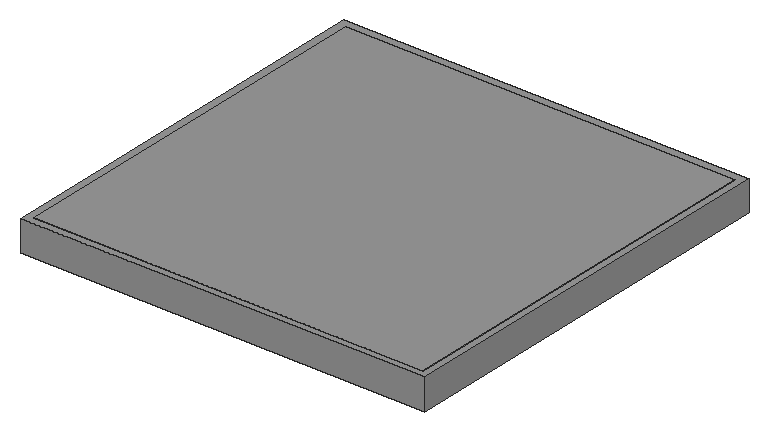
Revit family "ДВО-09 30 Вт Грильято DALI", category Осветительные приборы, Revit 2019 (continued)
Types (6, lengths in mm): name | Эффективность светильника | Файл фотометрической сетки | Тип рассеивателя | Световой поток модуля | built-in parameter 1150142 | Wattage | built-in parameter 1114217 | built-in parameter 1150134 | Lumens | built-in parameter 1150105 | Категория по ограничению яркости | built-in parameter 1150107 | built-in parameter 1150106 | Габаритная яркость | Артикул | URL
    3.2 433.1 432.9 432.7 432.4 432.1 431.8 431.4 431.1 430.8 430.4 429.9 429.3 428.9 428.3 427.7 427 426.4 425.7 424.9 424.2 423.4 422.6 421.7 420.8 420 418.9 417.9 416.7 415.7 414.4 413.2 411.7 410.5 409 407.7 405.9 404.5 402.7 401 399.2 397.4 395.2 393.5 391.2 389.1 386.6 384.2 381.6 379 375.9 373.2 370 367.1 363.4 360.2 356.5 353.1 349.1 345.7 341.6 338.1 333.8 330.2 326 322.4 317.9 314.3 310 306.4 302 298.4 294.3 290.9 286.6 283.3 279.2 275.8 271.8 268.2 264.3 260.7 256.5 252.9 248.8 245.2 240.8 237 232.7 229 224.7 221 216.7 212.8 208.6 204.9 200.6 196.7 192.4 188.6 184.2 180 175.4 171.2 166.5 162.1 157.2 152.8 147.8 143.5 138.5 134.3 129.5 125.3 120.8 117 112.6 108.7 104.7 101.2 97.4 93.9 90.3 87.1 83.6 80.6 77.2 74.4 71.3 68.5 65.7 63.2 60.6 58.5 56.2 54.4 52.3 50.7 49 47.5 46 44.7 43.6 42.7 41.5 40.7 39.8 38.9 38 37.1 36.1 35.2 34.2 33.2 32.1 31.2 30.1 29.1 28.1 27.3 26.2 25.3 24.2 23.1 21.8 20.5 18.9 17.4 15.6 14 12.3 10.8 9.1 7.7 6.2 5.2 4.1 3.6 3.3\r\n433.6 433.6 433.5 433.4 433.3 433.1 432.8 432.4 432.1 431.8 431.5 431.1 430.8 430.4 429.8 429.4 428.9 428.3 427.7 427.1 426.3 425.6 424.9 424.1 423.3 422.4 421.4 420.7 419.6 418.5 417.4 416.4 415.2 414.1 412.6 411.4 409.9 408.5 406.9 405.4 403.7 402.1 400.3 398.6 396.5 394.7 392.5 390.4 387.9 385.7 383.1 380.6 377.6 374.9 371.8 368.9 365.2 362.1 358.3 354.9 350.8 347.2 343 339.2 334.6 330.8 326.2 322.3 317.6 313.6 309.1 305.2 300.5 296.7 292.3 288.5 283.9 280.1 275.7 271.8 267.3 263.4 259 255.1 250.6 246.6 242.3 238.4 233.8 230 225.6 221.7 217.4 213.6 209.3 205.5 201.3 197.7 193.5 189.7 185.6 182 177.9 174.2 170 166.4 162.2 158.4 154.3 150.6 146.4 142.6 138.4 134.8 130.7 126.9 122.9 119.4 115.4 111.8 108 104.6 100.9 97.5 93.9 90.8 87.3 84.3 81 78.1 75 72.3 69.4 66.9 64.2 61.9 59.4 57.4 55.1 53.3 51.4 49.8 48.1 46.7 45.3 44.1 42.8 41.8 40.7 39.7 38.6 37.7 36.6 35.8 34.7 33.7 32.7 31.7 30.6 29.6 28.5 27.6 26.4 25.4 24.1 23 21.6 20.3 18.7 17.3 15.6 14.1 12.5 11.1 9.4 8.1 6.8 5.8 4.8 4.2 3.8\r\n433.7 433.7 433.8 433.8 433.7 433.4 433.2 432.8 432.5 432.2 431.9 431.5 431.2 430.8 430.3 429.9 429.5 428.9 428.3 427.7 427 426.3 425.6 424.8 423.9 423.2 422.1 421.3 420.2 419.2 418.2 417.1 416 414.9 413.5 412.3 410.9 409.4 407.8 406.4 404.7 403.2 401.4 399.8 397.7 395.9 393.8 391.8 389.2 387.2 384.6 382.2 379.2 376.6 373.5 370.7 367.1 363.9 360.2 356.7 352.5 348.7 344.3 340.3 335.5 331.3 326.5 322.3 317.2 313 308.3 304 299.1 295 290.2 286.1 281.1 276.9 272.1 267.8 262.8 258.6 253.7 249.6 244.6 240.3 235.8 231.7 226.9 223 218.5 214.5 210.1 206.2 202 198.1 194 190.4 186.3 182.7 178.8 175.4 171.6 168.3 164.6 161.5 158 154.8 151.3 148.4 144.9 141.7 138.3 135.3 131.8 128.5 125 121.9 118.2 114.9 111.2 108 104.4 101.1 97.6 94.5 91 88 84.7 81.9 78.8 76.1 73.1 70.6 67.7 65.3 62.7 60.5 57.9 55.9 53.8 52.1 50.2 48.6 47 45.6 44.1 42.9 41.7 40.5 39.3 38.3 37.2 36.3 35.2 34.3 33.2 32.2 31.1 30.1 28.9 27.8 26.6 25.5 24.1 22.9 21.4 20 18.5 17.2 15.6 14.2 12.6 11.3 9.8 8.4 7.3 6.3 5.5 4.8 4.3\r\n433.6 433.5 433.5 433.4 433.2 433 432.7 432.4 432.1 431.8 431.3 431 430.5 430.1 429.6 429.1 428.6 428 427.4 426.8 426 425.3 424.6 423.8 422.9 422.1 421 420.2 419.1 418.1 416.9 415.9 414.6 413.4 412 410.7 409.2 407.7 406 404.6 402.9 401.2 399.4 397.8 395.8 394 391.9 390 387.6 385.6 383.1 380.8 378 375.5 372.5 369.8 366.4 363.5 359.8 356.6 352.5 348.9 344.6 340.7 335.9 331.7 326.9 322.6 317.4 312.9 308 303.5 298.3 293.9 288.9 284.6 279.5 275.2 270.3 266.1 261.2 257.1 252.3 248.3 243.6 239.5 235.1 231.2 226.5 222.7 218.3 214.3 209.9 206.1 201.8 197.9 193.7 190.1 185.9 182.1 178 174.5 170.5 166.9 163 159.7 155.9 152.6 148.9 145.7 142.1 138.7 135.2 132.1 128.6 125.3 121.8 118.8 115.2 112.1 108.6 105.5 102.1 99 95.7 92.8 89.6 86.7 83.6 81 78 75.4 72.5 70.1 67.3 64.9 62.3 60.1 57.5 55.5 53.2 51.3 49.2 47.5 45.7 44.1 42.4 41 39.5 38.2 36.8 35.6 34.4 33.3 32.1 31 29.8 28.8 27.6 26.5 25.3 24.2 22.9 21.9 20.5 19.4 18 16.7 15.4 14.2 12.7 11.5 10.1 9 7.7 6.7 5.8 5.2 4.6 4.1 3.8\r\n433.4 433.2 433.1 432.9 432.7 432.5 432.2 432 431.6 431.3 430.8 430.5 429.9 429.4 428.8 428.4 427.8 427.1 426.4 425.8 425 424.3 423.6 422.7 421.9 421 419.9 419 417.9 417 415.6 414.6 413.2 412 410.4 409.1 407.5 405.9 404.3 402.7 401 399.2 397.4 395.8 393.9 392 390 388.2 385.9 383.9 381.5 379.4 376.7 374.4 371.5 369 365.7 363 359.5 356.5 352.5 349 344.9 341 336.3 332.2 327.3 322.9 317.5 312.9 307.6 303 297.5 292.8 287.6 283.2 277.8 273.4 268.5 264.4 259.6 255.5 251 247.1 242.6 238.7 234.4 230.6 226.2 222.3 218.1 214 209.8 206 201.7 197.8 193.5 189.7 185.4 181.5 177.3 173.5 169.3 165.6 161.5 157.9 153.9 150.3 146.4 143 139.2 135.8 132.1 128.9 125.3 122.1 118.7 115.7 112.2 109.2 105.9 103 99.8 97 93.8 91.1 88.2 85.4 82.5 80 77.2 74.6 71.9 69.6 66.9 64.6 62 59.7 57.2 55 52.6 50.5 48.2 46.3 44.3 42.5 40.6 39 37.3 36 34.3 33 31.6 30.3 29 27.8 26.5 25.4 24.1 22.9 21.7 20.6 19.3 18.2 17 15.9 14.6 13.4 12.2 11.1 9.8 8.7 7.6 6.6 5.7 5 4.3 4 3.7 3.5 3.4\r\n433.4 433.3 433.1 433 432.7 432.5 432.2 432 431.6 431.2 430.8 430.5 430 429.6 429.1 428.6 428.1 427.4 426.7 426 425.3 424.5 423.7 422.8 422 421.1 420.1 419.2 418.1 417.1 415.9 414.8 413.5 412.3 410.9 409.6 408.1 406.6 405 403.5 401.8 400.1 398.3 396.6 394.5 392.6 390.6 388.6 386.2 384.1 381.7 379.4 376.5 373.9 370.9 368.2 364.7 361.7 358.1 354.9 350.9 347.4 343.3 339.6 335.1 331.1 326.6 322.5 317.6 313.4 308.5 304.2 299.2 294.9 290 285.8 280.7 276.6 271.9 267.9 263.1 259.2 254.7 250.9 246.3 242.6 238.2 234.5 230 226.2 221.9 217.9 213.7 210 205.7 201.8 197.5 193.9 189.6 185.9 181.7 178 173.8 170 165.9 162.2 157.9 154.2 149.9 146.2 142 138.2 134 130.4 126.3 122.6 118.6 115.2 111.4 108 104.3 101.2 97.7 94.5 91.2 88.3 85.2 82.3 79.2 76.6 73.7 71.1 68.4 66.1 63.4 61.1 58.7 56.6 54.2 52.3 50.2 48.4 46.4 44.8 43.2 41.7 40.2 38.8 37.5 36.4 35.1 34 32.8 31.8 30.6 29.6 28.4 27.4 26.2 25.2 24.1 23.1 21.9 20.8 19.6 18.5 17.2 16 14.6 13.4 12 10.8 9.4 8.2 7 6 5 4.4 3.8 3.5 3.3\r\n433.4 433.4 433.2 433.1 432.8 432.5 432.2 431.9 431.6 431.2 430.8 430.5 430.2 429.8 429.4 428.8 428.3 427.7 426.9 426.2 425.5 424.7 423.8 422.9 422.2 421.2 420.2 419.3 418.3 417.2 416.2 415 413.9 412.7 411.3 410.1 408.7 407.3 405.7 404.2 402.6 400.9 399.1 397.3 395.2 393.3 391.1 389.1 386.6 384.3 381.8 379.3 376.2 373.5 370.3 367.3 363.7 360.4 356.7 353.4 349.3 345.8 341.8 338.2 333.9 330.1 325.9 322.2 317.6 313.8 309.4 305.5 300.9 297 292.4 288.4 283.6 279.8 275.3 271.3 266.6 262.8 258.4 254.6 250.1 246.4 242.1 238.4 233.9 230.1 225.7 221.8 217.6 213.9 209.6 205.8 201.6 198.1 193.9 190.2 186.1 182.5 178.4 174.5 170.3 166.4 162 158 153.4 149.4 144.8 140.5 135.9 131.8 127.3 123.1 118.6 114.8 110.6 106.7 102.8 99.3 95.5 92.1 88.6 85.5 82.1 79.1 75.9 73.3 70.3 67.6 64.8 62.5 59.8 57.7 55.4 53.5 51.2 49.6 47.7 46.3 44.5 43.3 42 40.9 39.7 38.7 37.7 36.9 35.9 35 34.1 33.2 32.2 31.4 30.3 29.4 28.4 27.5 26.4 25.6 24.4 23.4 22.2 21.1 19.7 18.5 17.1 15.7 14.2 12.8 11.3 9.8 8.2 7 5.7 4.8 4 3.5 3.3\r\n433.4 433.4 433.2 433.1 432.8 432.6 432.3 432 431.7 431.3 431 430.6 430.3 429.8 429.4 428.9 428.3 427.7 426.9 426.3 425.6 424.8 424 423.2 422.4 421.5 420.5 419.6 418.6 417.5 416.4 415.4 414.1 412.9 411.5 410.3 408.9 407.5 405.8 404.3 402.6 401 399.1 397.3 395.2 393.4 391.2 389.1 386.6 384.3 381.7 379.2 376.1 373.4 370.2 367.2 363.5 360.3 356.6 353.2 349.2 345.7 341.7 338.1 333.8 330.2 325.9 322.3 317.7 314.1 309.7 305.9 301.4 297.7 293.4 289.7 285.1 281.5 277.3 273.6 269.2 265.5 261.3 257.7 253.3 249.6 245.4 241.8 237.3 233.5 229.2 225.4 221.1 217.5 213.1 209.3 205.1 201.5 197.2 193.5 189.2 185.5 181.3 177.3 172.8 168.8 164.2 160 155.3 151.1 146.3 142 137.2 133.1 128.4 124.2 119.7 115.9 111.6 107.7 103.7 100.2 96.4 93 89.4 86.3 82.9 79.9 76.6 73.8 70.8 68.1 65.3 62.9 60.2 58.1 55.8 53.9 51.8 50.1 48.4 46.9 45.3 44 42.8 41.8 40.6 39.7 38.7 37.9 36.9 36.1 35.1 34.2 33.2 32.3 31.2 30.3 29.2 28.3 27.3 26.4 25.3 24.3 23.2 22.1 20.8 19.5 18 16.6 14.9 13.4 11.8 10.3 8.7 7.4 6 5 4 3.5 3.3\r\n433.4 433.4 433.2 433.1 432.9 432.7 432.4 432.1 431.8 431.4 431.1 430.8 430.4 429.9 429.3 428.9 428.3 427.7 427 426.4 425.7 424.9 424.2 423.4 422.6 421.7 420.8 420 418.9 417.9 416.7 415.7 414.3 413.2 411.7 410.5 409 407.7 405.9 404.5 402.7 401 399.2 397.4 395.3 393.5 391.3 389.1 386.6 384.3 381.6 379 375.9 373.2 370 367.1 363.4 360.2 356.5 353.1 349.1 345.7 341.6 338.1 333.8 330.2 326 322.4 317.9 314.3 310 306.4 302 298.4 294.3 290.9 286.6 283.3 279.2 275.8 271.8 268.2 264.3 260.7 256.5 252.9 248.8 245.2 240.8 237 232.7 229 224.6 221 216.7 212.8 208.6 204.9 200.6 196.7 192.4 188.6 184.2 180 175.4 171.2 166.5 162.1 157.2 152.8 147.8 143.5 138.5 134.3 129.5 125.3 120.8 117 112.6 108.7 104.7 101.2 97.4 93.9 90.3 87.1 83.7 80.6 77.2 74.4 71.3 68.5 65.7 63.2 60.6 58.5 56.2 54.4 52.3 50.7 49 47.4 46 44.7 43.6 42.7 41.5 40.7 39.8 38.9 38 37.1 36.1 35.2 34.2 33.2 32.1 31.2 30.1 29.1 28.1 27.3 26.2 25.3 24.2 23.1 21.8 20.5 18.9 17.4 15.6 14.1 12.3 10.8 9.1 7.7 6.2 5.2 4.1 3.6 3.3\r\n433.6 433.6 433.5 433.4 433.3 433.1 432.8 432.4 432.1 431.8 431.5 431.1 430.8 430.4 429.8 429.4 428.9 428.3 427.7 427.1 426.3 425.6 424.9 424.1 423.3 422.5 421.4 420.7 419.6 418.5 417.4 416.4 415.2 414.1 412.6 411.4 409.9 408.5 406.9 405.4 403.7 402.1 400.3 398.6 396.5 394.7 392.5 390.4 387.9 385.7 383.1 380.6 377.6 374.9 371.8 368.9 365.2 362.1 358.3 354.9 350.8 347.2 343 339.2 334.6 330.8 326.2 322.3 317.6 313.6 309.1 305.2 300.5 296.7 292.3 288.5 283.9 280.1 275.7 271.8 267.3 263.4 259 255.1 250.6 246.6 242.3 238.4 233.8 230 225.6 221.7 217.4 213.6 209.3 205.5 201.3 197.7 193.5 189.7 185.6 182 177.9 174.2 170 166.4 162.2 158.4 154.3 150.6 146.4 142.6 138.4 134.8 130.7 126.9 122.9 119.4 115.4 111.8 108 104.6 100.9 97.5 93.9 90.8 87.3 84.3 81 78.1 75 72.3 69.4 66.9 64.2 61.9 59.5 57.4 55.1 53.3 51.4 49.8 48.1 46.7 45.3 44.1 42.8 41.8 40.7 39.7 38.6 37.7 36.6 35.8 34.7 33.7 32.7 31.7 30.6 29.6 28.5 27.5 26.4 25.4 24.1 23 21.6 20.3 18.7 17.3 15.6 14.1 12.5 11.1 9.5 8.1 6.8 5.8 4.8 4.2 3.8\r\n433.7 433.7 433.8 433.8 433.7 433.4 433.2 432.8 432.5 432.2 431.9 431.5 431.2 430.8 430.3 429.9 429.5 428.9 428.3 427.7 427 426.3 425.6 424.8 423.9 423.2 422.1 421.3 420.2 419.2 418.2 417.1 416 414.9 413.5 412.3 410.9 409.4 407.8 406.4 404.7 403.2 401.4 399.8 397.7 395.9 393.8 391.8 389.2 387.2 384.6 382.2 379.2 376.6 373.5 370.7 367.1 363.9 360.2 356.7 352.5 348.7 344.3 340.3 335.5 331.3 326.5 322.3 317.2 313 308.3 304 299.1 295 290.2 286.1 281.1 276.9 272.1 267.8 262.8 258.6 253.7 249.6 244.6 240.3 235.8 231.7 226.9 223 218.5 214.5 210.1 206.2 202 198.1 194 190.4 186.3 182.7 178.8 175.4 171.6 168.3 164.6 161.5 158 154.8 151.3 148.4 144.9 141.7 138.3 135.3 131.8 128.5 125 121.9 118.2 114.9 111.2 108 104.4 101.1 97.6 94.5 91 88 84.7 81.9 78.8 76.1 73.1 70.6 67.7 65.3 62.7 60.5 57.9 55.9 53.8 52.1 50.2 48.6 47 45.6 44.1 42.9 41.7 40.5 39.3 38.3 37.2 36.3 35.2 34.3 33.2 32.2 31.1 30.1 28.9 27.8 26.6 25.5 24.1 22.9 21.4 20 18.5 17.2 15.6 14.2 12.6 11.3 9.8 8.4 7.3 6.3 5.5 4.8 4.3\r\n433.6 433.5 433.5 433.4 433.2 433 432.7 432.4 432.1 431.8 431.3 431 430.5 430.1 429.6 429.1 428.6 428 427.4 426.8 426 425.3 424.6 423.8 422.9 422.1 421 420.2 419.1 418.1 416.9 415.9 414.6 413.4 412 410.7 409.2 407.7 406 404.6 402.9 401.2 399.4 397.8 395.8 394 391.9 390 387.6 385.6 383.1 380.8 378 375.5 372.5 369.8 366.4 363.5 359.8 356.6 352.5 348.9 344.6 340.7 335.9 331.7 326.9 322.6 317.4 312.9 308 303.5 298.3 293.9 288.9 284.6 279.5 275.2 270.3 266.1 261.2 257.1 252.3 248.3 243.6 239.5 235.1 231.2 226.5 222.7 218.3 214.3 209.9 206.1 201.8 197.9 193.7 190.1 185.9 182.1 178 174.5 170.5 166.9 163 159.7 155.9 152.6 148.9 145.7 142.1 138.7 135.2 132.1 128.6 125.3 121.8 118.8 115.2 112.1 108.6 105.5 102.1 99 95.7 92.8 89.6 86.7 83.6 81 78 75.4 72.5 70.1 67.3 64.9 62.3 60.1 57.5 55.5 53.2 51.3 49.2 47.5 45.7 44.1 42.4 41 39.5 38.2 36.8 35.6 34.4 33.3 32.1 31 29.8 28.8 27.6 26.5 25.3 24.2 22.9 21.9 20.5 19.4 18 16.7 15.4 14.2 12.7 11.5 10.1 9 7.7 6.7 5.8 5.2 4.6 4.1 3.8\r\n433.4 433.2 433.1 432.9 432.7 432.5 432.2 432 431.6 431.3 430.8 430.5 429.9 429.4 428.8 428.4 427.8 427.1 426.4 425.8 425 424.3 423.6 422.7 421.9 421 419.9 419 417.9 417 415.6 414.6 413.2 412 410.4 409.1 407.5 405.9 404.3 402.7 401 399.2 397.4 395.8 393.9 392 390 388.2 385.9 383.9 381.5 379.4 376.7 374.4 371.5 369 365.7 363 359.5 356.5 352.5 349 344.9 341 336.3 332.2 327.3 322.9 317.5 312.9 307.6 303 297.5 292.8 287.6 283.2 277.8 273.4 268.5 264.4 259.6 255.5 251 247.1 242.6 238.7 234.4 230.6 226.2 222.3 218.1 214 209.8 206 201.7 197.8 193.5 189.7 185.4 181.5 177.3 173.5 169.3 165.6 161.5 157.9 153.9 150.3 146.4 143 139.2 135.8 132.1 128.9 125.3 122.1 118.7 115.7 112.2 109.2 105.9 103 99.8 97 93.8 91.1 88.2 85.4 82.5 80 77.2 74.6 71.9 69.6 66.9 64.6 62 59.7 57.2 55 52.6 50.5 48.2 46.3 44.3 42.5 40.6 39 37.3 36 34.3 33 31.6 30.3 29 27.8 26.5 25.4 24.1 22.9 21.7 20.6 19.3 18.2 17 15.9 14.6 13.4 12.2 11.1 9.8 8.7 7.6 6.6 5.7 5 4.3 4 3.7 3.5 3.4\r\n433.4 433.3 433.1 433 432.7 432.5 432.2 432 431.6 431.2 430.8 430.5 430 429.6 429.1 428.6 428.1 427.4 426.7 426 425.3 424.5 423.7 422.8 422 421.1 420.1 419.2 418.1 417.1 415.9 414.8 413.5 412.3 410.9 409.6 408.1 406.6 405 403.5 401.8 400.1 398.3 396.6 394.5 392.6 390.6 388.6 386.2 384.1 381.7 379.4 376.5 373.9 370.9 368.2 364.7 361.7 358.1 354.9 350.9 347.4 343.3 339.6 335.1 331.1 326.6 322.5 317.6 313.4 308.5 304.2 299.2 294.9 290 285.8 280.7 276.6 271.9 267.9 263.1 259.2 254.7 250.9 246.3 242.6 238.2 234.5 230 226.2 221.9 217.9 213.7 210 205.7 201.8 197.5 193.9 189.6 185.9 181.7 178 173.8 170 165.9 162.2 157.9 154.2 149.9 146.2 142 138.2 134 130.4 126.3 122.6 118.6 115.2 111.4 108 104.3 101.2 97.7 94.5 91.2 88.3 85.2 82.3 79.2 76.6 73.7 71.1 68.4 66.1 63.4 61.1 58.7 56.6 54.2 52.3 50.2 48.4 46.4 44.8 43.2 41.7 40.2 38.8 37.5 36.4 35.1 34 32.8 31.8 30.6 29.6 28.4 27.4 26.2 25.2 24.1 23.1 21.9 20.8 19.6 18.5 17.2 16 14.6 13.4 12 10.8 9.4 8.2 7 6 5 4.4 3.8 3.5 3.3\r\n433.4 433.4 433.2 433.1 432.8 432.5 432.2 431.9 431.6 431.2 430.8 430.5 430.2 429.8 429.4 428.8 428.3 427.7 426.9 426.2 425.5 424.7 423.8 422.9 422.2 421.2 420.2 419.3 418.3 417.2 416.2 415 413.9 412.7 411.3 410.1 408.7 407.3 405.7 404.2 402.6 400.9 399.1 397.3 395.2 393.3 391.1 389.1 386.6 384.3 381.8 379.3 376.2 373.5 370.3 367.3 363.7 360.4 356.7 353.4 349.3 345.8 341.8 338.2 333.9 330.1 325.9 322.2 317.6 313.8 309.4 305.5 300.9 297 292.4 288.4 283.6 279.8 275.3 271.3 266.6 262.8 258.4 254.6 250.1 246.4 242.1 238.4 233.9 230.1 225.7 221.8 217.6 213.9 209.6 205.8 201.6 198.1 193.9 190.2 186.1 182.5 178.4 174.5 170.3 166.4 162 158 153.4 149.4 144.8 140.5 135.9 131.8 127.3 123.1 118.6 114.8 110.6 106.7 102.8 99.3 95.5 92.1 88.6 85.5 82.1 79.1 75.9 73.3 70.3 67.6 64.8 62.5 59.8 57.7 55.4 53.5 51.2 49.6 47.7 46.3 44.5 43.3 42 40.9 39.7 38.7 37.7 36.9 35.9 35 34.1 33.2 32.2 31.4 30.3 29.4 28.4 27.5 26.4 25.6 24.4 23.4 22.2 21.1 19.7 18.5 17.1 15.7 14.2 12.8 11.3 9.8 8.2 7 5.7 4.8 4 3.5 3.3\r\n433.4 433.4 433.2 433.1 432.8 432.6 432.3 432 431.7 431.3 431 430.6 430.3 429.8 429.4 428.9 428.3 427.7 426.9 426.3 425.6 424.8 424 423.2 422.4 421.5 420.5 419.7 418.6 417.5 416.4 415.4 414.1 412.9 411.5 410.3 408.9 407.5 405.8 404.3 402.6 401 399.1 397.3 395.2 393.4 391.2 389.1 386.6 384.3 381.7 379.2 376.1 373.4 370.2 367.2 363.5 360.3 356.6 353.2 349.2 345.7 341.7 338.1 333.8 330.2 325.9 322.3 317.7 314.1 309.7 305.9 301.4 297.7 293.4 289.7 285.1 281.5 277.3 273.6 269.2 265.5 261.3 257.7 253.3 249.6 245.4 241.8 237.3 233.6 229.2 225.4 221.1 217.5 213.2 209.3 205.1 201.5 197.2 193.5 189.2 185.5 181.3 177.3 172.8 168.8 164.2 160 155.3 151.1 146.3 142 137.2 133 128.4 124.2 119.7 115.9 111.6 107.7 103.7 100.2 96.4 93 89.4 86.3 82.9 79.9 76.6 73.8 70.8 68.1 65.2 62.9 60.2 58.1 55.8 53.9 51.8 50.1 48.4 46.9 45.3 44 42.8 41.8 40.6 39.7 38.7 37.9 36.9 36.1 35.1 34.2 33.2 32.3 31.2 30.3 29.2 28.3 27.3 26.4 25.3 24.3 23.2 22.1 20.8 19.5 18 16.6 14.9 13.4 11.8 10.3 8.7 7.4 6 5 4 3.6 3.3\r\n433.4 433.4 433.2 433.1 432.9 432.7 432.4 432.1 431.8 431.4 431.1 430.8 430.4 429.9 429.3 428.9 428.3 427.7 427 426.4 425.7 424.9 424.2 423.4 422.6 421.7 420.8 420 418.9 417.9 416.7 415.7 414.4 413.2 411.7 410.5 409 
    407.7 405.9 404.5 402.7 401 399.2 397.4 395.2 393.5 391.2 389.1 386.6 384.2 381.6 379 375.9 373.2 370 367.1 363.4 360.2 356.5 353.1 349.1 345.7 341.6 338.1 333.8 330.2 326 322.4 317.9 314.3 310 306.4 302 298.4 294.3 290.9 286.6 283.3 279.2 275.8 271.8 268.2 264.3 260.7 256.5 252.9 248.8 245.2 240.8 237 232.7 229 224.7 221 216.7 212.8 208.6 204.9 200.6 196.7 192.4 188.6 184.2 180 175.4 171.2 166.5 162.1 157.2 152.8 147.8 143.5 138.5 134.3 129.5 125.3 120.8 117 112.6 108.7 104.7 101.2 97.4 93.9 90.3 87.1 83.6 80.6 77.2 74.4 71.3 68.5 65.7 63.2 60.6 58.5 56.2 54.4 52.3 50.7 49 47.5 46 44.7 43.6 42.7 41.5 40.7 39.8 38.9 38 37.1 36.1 35.2 34.2 33.2 32.1 31.2 30.1 29.1 28.1 27.3 26.2 25.3 24.2 23.1 21.8 20.5 18.9 17.4 15.6 14 12.3 10.8 9.1 7.7 6.2 5.2 4.1 3.6 3.3\r\n433.6 433.6 433.5 433.4 433.3 433.1 432.8 432.4 432.1 431.8 431.5 431.1 430.8 430.4 429.8 429.4 428.9 428.3 427.7 427.1 426.3 425.6 424.9 424.1 423.3 422.4 421.4 420.7 419.6 418.5 417.4 416.4 415.2 414.1 412.6 411.4 409.9 408.5 406.9 405.4 403.7 402.1 400.3 398.6 396.5 394.7 392.5 390.4 387.9 385.7 383.1 380.6 377.6 374.9 371.8 368.9 365.2 362.1 358.3 354.9 350.8 347.2 343 339.2 334.6 330.8 326.2 322.3 317.6 313.6 309.1 305.2 300.5 296.7 292.3 288.5 283.9 280.1 275.7 271.8 267.3 263.4 259 255.1 250.6 246.6 242.3 238.4 233.8 230 225.6 221.7 217.4 213.6 209.3 205.5 201.3 197.7 193.5 189.7 185.6 182 177.9 174.2 170 166.4 162.2 158.4 154.3 150.6 146.4 142.6 138.4 134.8 130.7 126.9 122.9 119.4 115.4 111.8 108 104.6 100.9 97.5 93.9 90.8 87.3 84.3 81 78.1 75 72.3 69.4 66.9 64.2 61.9 59.4 57.4 55.1 53.3 51.4 49.8 48.1 46.7 45.3 44.1 42.8 41.8 40.7 39.7 38.6 37.7 36.6 35.8 34.7 33.7 32.7 31.7 30.6 29.6 28.5 27.6 26.4 25.4 24.1 23 21.6 20.3 18.7 17.3 15.6 14.1 12.5 11.1 9.4 8.1 6.8 5.8 4.8 4.2 3.8\r\n433.7 433.7 433.8 433.8 433.7 433.4 433.2 432.8 432.5 432.2 431.9 431.5 431.2 430.8 430.3 429.9 429.5 428.9 428.3 427.7 427 426.3 425.6 424.8 423.9 423.2 422.1 421.3 420.2 419.2 418.2 417.1 416 414.9 413.5 412.3 410.9 409.4 407.8 406.4 404.7 403.2 401.4 399.8 397.7 395.9 393.8 391.8 389.2 387.2 384.6 382.2 379.2 376.6 373.5 370.7 367.1 363.9 360.2 356.7 352.5 348.7 344.3 340.3 335.5 331.3 326.5 322.3 317.2 313 308.3 304 299.1 295 290.2 286.1 281.1 276.9 272.1 267.8 262.8 258.6 253.7 249.6 244.6 240.3 235.8 231.7 226.9 223 218.5 214.5 210.1 206.2 202 198.1 194 190.4 186.3 182.7 178.8 175.4 171.6 168.3 164.6 161.5 158 154.8 151.3 148.4 144.9 141.7 138.3 135.3 131.8 128.5 125 121.9 118.2 114.9 111.2 108 104.4 101.1 97.6 94.5 91 88 84.7 81.9 78.8 76.1 73.1 70.6 67.7 65.3 62.7 60.5 57.9 55.9 53.8 52.1 50.2 48.6 47 45.6 44.1 42.9 41.7 40.5 39.3 38.3 37.2 36.3 35.2 34.3 33.2 32.2 31.1 30.1 28.9 27.8 26.6 25.5 24.1 22.9 21.4 20 18.5 17.2 15.6 14.2 12.6 11.3 9.8 8.4 7.3 6.3 5.5 4.8 4.3\r\n" | 28.948 W | 0.93 (stored number, unit not read) | 12 | 4300 lm | 342.18 (stored number, unit not read) | "3" | 4000 (stored number, unit not read) | 3.4218 (stored number, unit not read) | "" | "14942" | "http://innolux.pro/katalog/upravlenie-osveshheniem/dvo-09-30-vt-grilyato-dali/14942.html"
